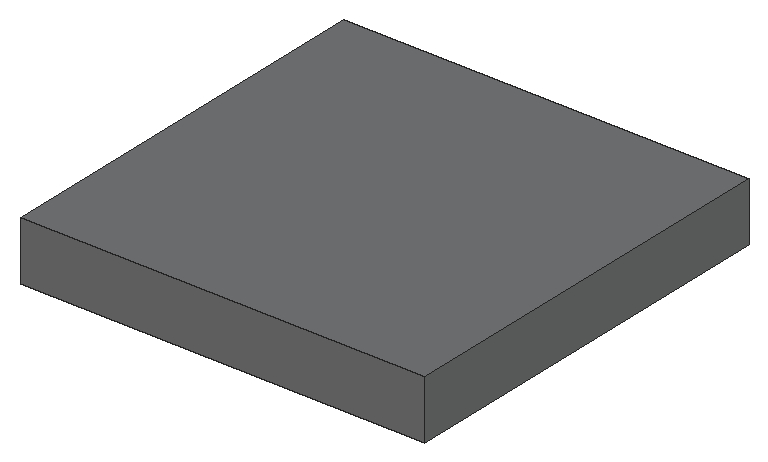
Revit family "Gira_536728", category Electrical Fixtures, host Face, Revit 2017
Family settings
  Host = Face
  Maintain Annotation Orientation = No
  Round Connector Dimension = Use Diameter
  Part Type = Normal
  Cut with Voids When Loaded = No
  Shared = No
  Room Calculation Point = No
Parameters (values of type "S3000 blind timer + timer BT System 55 anthra.")
  With LED indication = "No"
  URL = "http://katalog.gira.de/en/datenblatt.html?artikelnr=536728"
  Transparent = "No"
  Suitable for application with venetian shutter switch = "Yes"
  Suitable for application with switch = "Yes"
  Suitable for application with dimmer = "No"
  Number of actuation points = "4"
  Name = "S3000 blind timer + timer BT System 55 anthra."
  Manufacturer URL = "https://www.gira.de/"
  Manufacturer = "Gira"
  Keynote = ""
  HeinzeBIM = "https://bimportal.heinze.de/bim/s3000-blind-timer-timer-bt-system-55-anthra-/3cd7647f6df747f1ed7e8ea8720742151a0e0f1e"
  HAN = "536728"
  GTIN = "4010337027546"
  Description = "S3000 blind tim. tim.BT Sys55 AN,System 3000 blind timer and timer BT,,anthracite,Features:,- Manual and time-controlled operation of e.g. blinds, shutters, awnings, lighting or fans.,- Operation and programming with mobile end device (smartphone or tablet) via Bluetooth using the Gira Bluetooth app.,- Operation on System 3000 switching, dimming or blind insert or auxiliary insert 3-wire.,Functions on the top unit:,- Operation of hangings and lighting.,- The blocking function blocks operation of the auxiliary unit and deactivates automatic mode.,- Activate deactivate automatic mode.,- The runtime and an individual intermediate position can be saved using the System 3000 blind controller insert.,- Switch-on brightness of lighting can be saved using System 3000 dimming insert or DALI Power control unit.,- Adjustbable night mode. Status LED and function LED are not lit up continuously.,Functions with the Gira Bluetooth app:,- Operation of hangings and lighting with status feedback.,- Display the current hanging position or dimmer setting.,- Programming of up to 40 individual switching times.,- Blind or slat positions or switching and dimming values can be stored for each switching time.,- Switching times can be copied to other devices.,- Switching at sunrise or sunset (astro function).,- Astro time can be optimised by determining the location.,- Astro time shift adjustable.,- Random function.,- Automatic date and time refresh when connecting smartphones or tablets.,- Password protection possible for time programs and configuration (as of app version 2).,- Save a hanging position, hanging runtime, slat reversal time.,- Changeover to inverse operation possible for blind inserts.,- Maximum brightness and minimum brightness adjustable for dimming insert.,- Optional: Sun protection and twilight function are possible with System 3000 brightness and temperature sensor Bluetooth.,,Notes :,- The time is updated upon connection to the Gira Bluetooth app."
  Default Elevation = 1219.2 mm
  Data sheet (1) = "https://katalog.gira.de/en/download.html?artikelnr=536728"
  Category = "Intelligent control element"
  BIM (1) = "https://media.stage.bim.site/public/gira/36a6b08/Sys55_Abdeckung_Schalten und Tasten.rfa?public/gira/36a6b08/Sys55_Abdeckung_Schalten und Tasten.rfa"
  Available = "No"
  Application = "Control of electrical users"
  Anthrazit [instance] = Anthrazit
Reference planes
  plane 1 "Center (Front/Back)": y = 0
  plane 2: z = 0
  plane 3 "Center (Left/Right)": x = 0
Forms (mm)
  Extrusion 1, solid, material "Anthrazit" <- "Anthrazit", detail levels fine
    sketch origin (0, 0, 0) x (1, 0, 0) y (0, 1, 0)
      loop
        line (-27.5, 27.5) -> (-27.5, -27.5) -> (27.5, -27.5) -> (27.5, 27.5) -> (-27.5, 27.5)
    from 0 to 8
  Extrusion 2, void
    sketch origin (0, 0, 0) x (1, 0, 0) y (0, 1, 0)
      loop
        line (26, 26) -> (-26, 26) -> (-26, -26) -> (26, -26) -> (26, 26)
    from 0 to 6
  Extrusion 3, solid, material "Anthrazit" <- "Anthrazit", detail levels medium
    sketch origin (0, 0, 0) x (1, 0, 0) y (0, 1, 0)
      loop
        line (-27.5, 27.5) -> (-27.5, -27.5) -> (27.5, -27.5) -> (27.5, 27.5) -> (-27.5, 27.5)
    from 0 to 8
  Extrusion 4, solid, material "Anthrazit" <- "Anthrazit", detail levels medium
    sketch origin (0, 0, 0) x (1, 0, 0) y (0, 1, 0)
      loop
        line (11, -17.5) -> (11, 17.5) -> (-11, 17.5) -> (-11, -17.5) -> (11, -17.5)
    from -6 to 6
  Extrusion 5, solid, material "Anthrazit" <- "Anthrazit", detail levels fine
    sketch origin (0, 0, 0) x (1, 0, 0) y (0, 1, 0)
      loop
        line (11, 17.5) -> (-11, 17.5) -> (-11, 16.5) -> (11, 16.5) -> (11, 17.5)
      loop
        line (-11, -16.5) -> (-11, -17.5) -> (11, -17.5) -> (11, -16.5) -> (-11, -16.5)
    from -4 to 6
  Extrusion 6, solid, material "Anthrazit" <- "Anthrazit", detail levels fine
    sketch origin (0, 0, 0) x (1, 0, 0) y (0, 1, 0)
      loop
        arc (5, 9.347) -> (0, 10.6) -> (-5, 9.347) r 10.6
        line (-5, 9.347) -> (-5, -9.347)
        arc (-5, -9.347) -> (0, -10.6) -> (5, -9.347) r 10.6
        line (5, -9.347) -> (5, 9.347)
    from -6 to 6
  Extrusion 7, solid, material "Anthrazit" <- "Anthrazit", detail levels coarse
    sketch origin (0, 0, 0) x (1, 0, 0) y (0, 1, 0)
      loop
        line (-27.5, 27.5) -> (-27.5, -27.5) -> (27.5, -27.5) -> (27.5, 27.5) -> (-27.5, 27.5)
    from -6 to 8
Cuts and joins
  Extrusion 2 cuts Extrusion 1
Dimensions and locks
  aligned and locked: plane 2 to host face
  aligned and locked: level to host face
